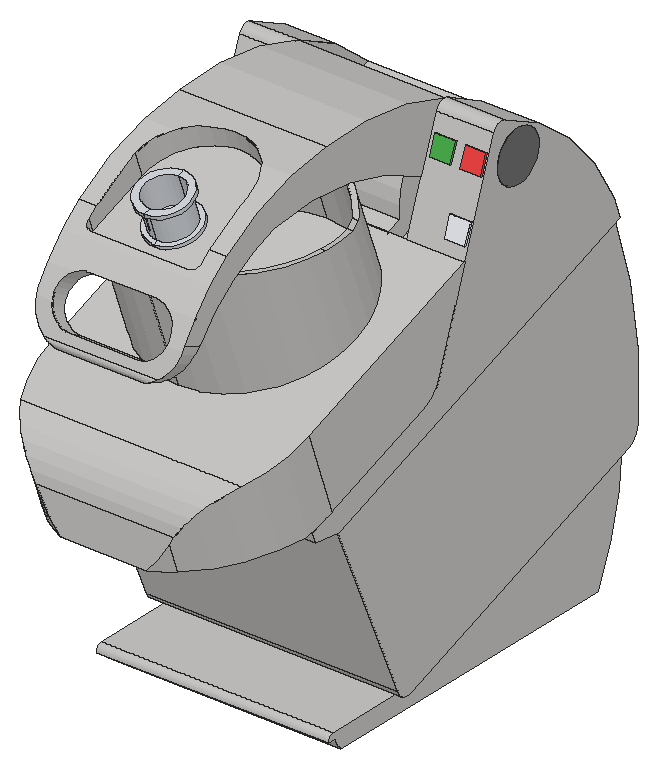
Revit family "QF_DITOSAMA_600420_DTRSY1VI", category Specialty Equipment, Revit 2018
Family settings
  Round Connector Dimension = Use Diameter
  Part Type = Normal
  Work Plane-Based = No
  Always vertical = Yes
  Cut with Voids When Loaded = No
  Shared = No
  Room Calculation Point = No
Parameters (values of type "Standard")
  Weight = 21.40 kg
  Watts = 0 W
  Volts = 220 V
  URL Manufacturer = "http://www.ditosama.com"
  URL = "http://www.ditosama.com"
  Steam Supply Size = 0 mm
  Steam Supply Minimum Pressure = 0.0 Pa
  Steam Supply Maximum Pressure = 0.0 Pa
  Steam Pounds per Hour = 0
  Refrigeration Suction Line Size = 0 mm
  Refrigeration Liquid Line Size = 0 mm
  Refrigerant Compressor Remote = yes
  Manufacturer = "Dito Sama"
  Phase = 1
  Model = "DTRSY1VI"
  Length Actual = 252 mm  # constant formula
  Item Number = "600420"
  Hot Water Size = 0 mm
  Height Actual = 515 mm  # constant formula
  HP = "0.7 HP"
  Gas Size = 0 mm
  Gas KW = 0
  Gas Input Pressure = 0 W
  Direct Waste Size = 0 mm
  Description = "VEGETABLE SLICER-1 SPEED-500W-220-240/1/50 CB APPROVED"
  Depth Actual = 500 mm  # constant formula
  Cycle = 50 Hz
  Condensate Return Size = 0 mm
  Compressed Air Volume = 0.0 L/s
  Compressed Air Size = 0 mm
  Compressed Air Pressure = 0.0 Pa
  Cold Water Size = 0 mm
  Accessory = yes
Reference planes
  plane 1 "Center (Front/Back)": y = 0
  plane 2: z = 0
  plane 3 "Center (Left/Right)": x = 0
  plane 4 "BASE": through (-1506.947, -1354.442, -482.669) normal (0, -0.342, 0.9397)
  plane 5 "TOP": z = 780
  plane 6 "FRONT": y = -250
  plane 7 "BACK": y = 250
  plane 8 "LEFT": x = -126
  plane 9 "RIGHT": x = 126
  plane 10 "BaseSup": through (4267.2, -355.454, 143.983) normal (0, -0.342, 0.9397)
  plane 11 "TopCylinder": z = 502
  plane 12 "panel": through (4267.2, 37.396, 376.789) normal (0, -0.9397, 0.342)
  plane 13 "TAN1": through (4267.2, -242.8, 386.84) normal (0, -0.868, 0.4965)
  plane 14 "cx": x = -4.392
Forms (mm)
  Extrusion 1, solid, material "QF_Finishes_Stainless Steel"
    sketch origin (0, 71.755, 29.173) x (0, 0.939693, 0.34202) y (0, -0.34202, 0.939693)
      loop
        line (194.125, 30) -> (-100, 30) -> (-172.671, 56.45)
        arc (-172.671, 56.45) -> (-177.706, 56.23) -> (-181.11, 52.515) r 6.584
        line (-181.11, 52.515) -> (-172.825, 49.499)
        arc (-172.825, 49.499) -> (-173.282, 42.917) -> (-170.601, 36.887) r 13.662
        line (-170.601, 36.887) -> (125.402, -70.849)
        arc (125.402, -70.849) -> (140.415, -55.659) -> (154.125, -39.282) r 258.806
        arc (154.125, -39.282) -> (176.416, -5.964) -> (194.125, 30) r 303.676
    from -114.1 to 114.1
  Extrusion 2, solid, material "QF_Finishes_Stainless Steel"
    sketch origin (0, 71.755, 29.173) x (0, 0.939693, 0.34202) y (0, -0.34202, 0.939693)
      loop
        arc (-117.754, 231.836) -> (-115.421, 136.806) -> (-106.378, 42.177) r 1344.145
        arc (-106.378, 42.177) -> (-102.811, 33.567) -> (-94.2, 30) r 12.177
        line (-94.2, 30) -> (191.415, 30)
        arc (191.415, 30) -> (200.799, 34.052) -> (207.001, 42.177) r 20.212
        arc (207.001, 42.177) -> (237.263, 134.79) -> (245.906, 231.836) r 430.148
        line (245.906, 231.836) -> (-117.754, 231.836)
    from -123.6 to 123.2
  Extrusion 3, solid, material "QF_Finishes_Stainless Steel"
    sketch origin (0, 71.755, 29.173) x (0, 0.939693, 0.34202) y (0, -0.34202, 0.939693)
      loop
        line (-117.754, 231.836) -> (250, 231.836) -> (250, 254)
        arc (250, 254) -> (225.127, 344.7) -> (167.861, 419.303) r 244.524
        arc (167.861, 419.303) -> (160.498, 421.774) -> (153.587, 418.23) r 10
        line (153.587, 418.23) -> (25.432, 265.5)
        arc (25.432, 265.5) -> (14.376, 257.016) -> (0.77, 254) r 32.194
        line (0.77, 254) -> (-142.678, 254) -> (-142.678, 244) -> (-117.754, 231.836)
    from -125 to 125
  Extrusion 4, void
    sketch origin (0, 71.755, 29.173) x (0, 0.939693, 0.34202) y (0, -0.34202, 0.939693)
      loop
        line (146.605, 338.403) -> (228.145, 338.403)
        arc (228.145, 338.403) -> (202.221, 381.996) -> (167.861, 419.303) r 244.524
        arc (167.861, 419.303) -> (160.498, 421.774) -> (153.587, 418.23) r 10
        line (153.587, 418.23) -> (72.34, 321.403) -> (146.605, 321.403) -> (146.605, 338.403)
    from -76.755 to 68.071
  Extrusion 5, solid, material "QF_Finishes_Stainless Steel"
    sketch origin (0, 71.755, 29.173) x (0, 0.939693, 0.34202) y (0, -0.34202, 0.939693)
      loop
        line (86.605, 338.403) -> (69.605, 321.403) -> (146.605, 321.403) -> (146.605, 338.403) -> (138.179, 338.403) -> (138.179, 369.367)
        arc (138.179, 369.367) -> (147.784, 373.474) -> (158.149, 372.174) r 19.987
        arc (158.149, 372.174) -> (156.791, 382.001) -> (162.888, 389.826) r 12.748
        arc (162.888, 389.826) -> (123.302, 374.774) -> (101.605, 338.403) r 64.447
        line (101.605, 338.403) -> (86.605, 338.403)
    from -65 to 50
  Extrusion 6, solid, material "QF_Finishes_Stainless Steel"
    sketch origin (539, 71.755, 29.173) x (0, -0.939693, -0.34202) y (0, -0.34202, 0.939693)
      loop
        circle (-169.102, 378.696) r 12.748
    from 489 to 604
  Extrusion 7, solid, material "QF_Finishes_Rubber Black"
    sketch origin (0, 71.755, 29.173) x (0, 0.939693, 0.34202) y (0, -0.34202, 0.939693)
      loop
        circle (169.102, 378.696) r 25
    from 125 to 126.6
  Extrusion 8, solid, material "QF_Finishes_Green"
    sketch origin (-10, -113.728, -38.42) x (0, -0.34202, -0.939693) y (1, 0, 0)
      loop
        line (-529.862, 82.865) -> (-509.862, 82.865) -> (-509.862, 102.865) -> (-529.862, 102.865) -> (-529.862, 82.865)
    from 0 to 1.6
  Extrusion 9, solid, material "QF_Finishes_Red"
    sketch origin (20, -113.728, -38.42) x (0, -0.34202, -0.939693) y (1, 0, 0)
      loop
        line (-529.862, 82.865) -> (-509.862, 82.865) -> (-509.862, 102.865) -> (-529.862, 102.865) -> (-529.862, 82.865)
    from 0 to 1.6
  Extrusion 10, solid, material "QF_Finishes_White"
    sketch origin (19.976, -149.421, -75.636) x (0, -0.34202, -0.939693) y (1, 0, 0)
      loop
        line (-521.192, 82.865) -> (-501.192, 82.865) -> (-501.192, 102.865) -> (-521.192, 102.865) -> (-521.192, 82.865)
    from 0 to 1.6
  Extrusion 11, solid, material "QF_Finishes_Rubber Black"
    sketch origin (-20, -306.935, 99.376) x (0, -1, 0) y (1, 0, 0)
      loop
        circle (-230.144, 103.748) r 10
      loop
        circle (-230.144, -61.252) r 10
    from 9.274 to 3.787
  Extrusion 12, void
    sketch origin (-20.94, 306.731, 139.428) x (-1, 0, 0) y (0, -0.34202, 0.939693)
      loop
        circle (-20.94, 196.093) r 10
    from -1.916 to -26.433
  Extrusion 13, solid, material "QF_Finishes_Stainless Steel"
    sketch origin (-20.94, 306.678, 139.573) x (-1, 0, 0) y (0, -0.34202, 0.939693)
      loop
        circle (-20.94, 195.939) r 9.999
    from -8.514 to -26.433
  Extrusion 14, solid, material "QF_Finishes_Stainless Steel"
    sketch origin (0, -15.119, 267.855) x (0, -0.939693, -0.34202) y (1, 0, 0)
      loop
        line (-86.605, -125) -> (117.754, -125)
        arc (117.754, -125) -> (182.577, -108.838) -> (232.224, -64.135) r 138.076
        arc (232.224, -64.135) -> (246.337, -33.516) -> (250, 0) r 104.824
        arc (250, 0) -> (246.337, 33.516) -> (232.224, 64.135) r 104.824
        arc (232.224, 64.135) -> (182.577, 108.838) -> (117.754, 125) r 138.076
        line (117.754, 125) -> (-86.605, 125) -> (-86.605, -125)
    from 0 to 84.403
  Extrusion 15, void
    sketch origin (0, 71.755, 29.173) x (0, 0.939693, 0.34202) y (0, -0.34202, 0.939693)
      loop
        line (-148.177, 254) -> (-243.49, 272.527) -> (-229.509, 307.133)
        arc (-229.509, 307.133) -> (-211.109, 329.855) -> (-183.149, 338.403) r 50
        line (-183.149, 338.403) -> (-263.395, 338.403) -> (-263.395, 254) -> (-148.177, 254)
      loop
        line (86.605, 338.403) -> (25.432, 265.5)
        arc (25.432, 265.5) -> (14.376, 257.016) -> (0.77, 254) r 32.194
        line (0.77, 254) -> (86.605, 254) -> (86.605, 338.403)
    from -156.555 to 144.79
  Extrusion 16, solid, material "QF_Finishes_Rubber Black"
    sketch origin (-20, -28.598, 99.376) x (0, -1, 0) y (1, 0, 0)
      loop
        circle (-230.144, 103.748) r 10
      loop
        circle (-230.144, -61.252) r 10
    from 9.274 to 3.787
  Extrusion 17, solid, material "QF_Finishes_Stainless Steel"
    sketch origin (0, 0, 0) x (0, 1, 0) y (0, 0, 1)
      loop
        arc (-237.987, 360.286) -> (-193.334, 422.101) -> (-125.907, 457.716) r 167.502
        arc (-125.907, 457.716) -> (-32.614, 457.202) -> (54.785, 424.565) r 266.494
        line (54.785, 424.565) -> (73.036, 474.711)
        arc (73.036, 474.711) -> (77.269, 479.853) -> (83.792, 481.198) r 10
        arc (83.792, 481.198) -> (12.917, 500.705) -> (-60.594, 500.999) r 278.64
        arc (-60.594, 500.999) -> (-125.023, 488.463) -> (-183.511, 458.675) r 236.13
        arc (-183.511, 458.675) -> (-222.818, 420.732) -> (-248.457, 372.49) r 174.407
        arc (-248.457, 372.49) -> (-249.83, 368.135) -> (-247.05, 364.513) r 4.945
        line (-247.05, 364.513) -> (-237.987, 360.286)
    from -76.755 to 68.071
  Extrusion 18, void
    sketch origin (0, -252.846, 369.279) x (0, -0.496521, -0.868025) y (1, 0, 0)
      loop
        line (-13.723, -36.755) -> (-13.723, 28.071)
        arc (-13.723, 28.071) -> (-38.723, 53.071) -> (-63.723, 28.071) r 25
        line (-63.723, 28.071) -> (-63.723, -36.755)
        arc (-63.723, -36.755) -> (-38.723, -61.755) -> (-13.723, -36.755) r 25
    from -148.493 to 7.125
  Extrusion 19, void
    sketch origin (0, -88.076, 32.057) x (0, -0.34202, -0.939693) y (1, 0, 0)
      loop
        line (-257.162, 68.071) -> (-297.162, 68.071)
        arc (-297.162, 68.071) -> (-268.878, 56.356) -> (-257.162, 28.071) r 40
        line (-257.162, 28.071) -> (-257.162, 68.071)
      loop
        line (-257.162, -76.755) -> (-257.162, -36.755)
        arc (-257.162, -36.755) -> (-268.878, -65.039) -> (-297.162, -76.755) r 40
        line (-297.162, -76.755) -> (-257.162, -76.755)
    from 233.374 to 280.473
  Extrusion 20, void
    sketch origin (0, -73.76, 246.511) x (0, -0.939693, -0.34202) y (1, 0, 0)
      loop
        spline (50.415, 43.499) -> (50.302, 44.538) -> (50.07, 45.551) -> (49.722, 46.523) -> (49.265, 47.436) -> (48.705, 48.278) -> (48.053, 49.034) -> (47.317, 49.692) -> (46.511, 50.241) -> (45.647, 50.674) -> (44.738, 50.981) -> (43.801, 51.16) -> (42.848, 51.221)
        line (42.848, 51.221) -> (-21.826, 51.221)
        arc (-21.826, 51.221) -> (-77.476, -4.429) -> (-21.826, -60.078) r 55.65
        line (-21.826, -60.078) -> (42.849, -60.064)
        spline (42.849, -60.064) -> (43.796, -60.017) -> (44.73, -59.836) -> (45.637, -59.525) -> (46.5, -59.088) -> (47.306, -58.532) -> (48.042, -57.867) -> (48.695, -57.103) -> (49.256, -56.253) -> (49.715, -55.331) -> (50.065, -54.351) -> (50.3, -53.329) -> (50.415, -52.283)
        line (50.415, -52.283) -> (50.415, 43.499)
    from 219.928 to 259.975
  Extrusion 21, void
    sketch origin (0, -87.856, 241.381) x (0, -0.939693, -0.34202) y (1, 0, 0)
      loop
        circle (-4.976, -4.429) r 22.5
    from 184.171 to 259.975
  Extrusion 22, solid, material "QF_Finishes_Stainless Steel"
    sketch origin (0, -57.13, 252.564) x (0, -0.939693, -0.34202) y (1, 0, 0)
      loop
        circle (-27.476, -4.429) r 100
      loop
        circle (-27.476, -4.429) r 95
    from 84.403 to 219.928
  Extrusion 23, void
    sketch origin (539, 0, 0) x (0, -1, 0) y (0, 0, 1)
      loop
        line (-7.229, 448.453) -> (38.883, 431.669) -> (53.883, 431.669) -> (97.232, 435.738) -> (172.232, 435.738) -> (200.5, 434.424) -> (12.562, 502.828) -> (-7.229, 448.453)
    from 424.9 to 664
  Revolve 24, solid
    sketch origin (-4.392, 0, 0) x (0, 1, 0) y (0, 0, 1)
      loop
        line (-159.523, 452.833) -> (-177.266, 446.376) -> (-188.766, 477.973) -> (-195.199, 475.631) -> (-193.959, 472.225) -> (-189.261, 473.935) -> (-179, 445.744) -> (-183.698, 444.034) -> (-182.575, 440.948) -> (-179.543, 442.052) -> (-133.191, 314.7) -> (-112.048, 322.396) -> (-159.523, 452.833)
      axis (-112.048, 322.396) -> (-171.023, 484.431)
    angle from 0 to 360
  Extrusion 25, solid, material "QF_Door-Drawer Clearances", detail levels coarse
    sketch origin (0, -259.129, 728.467) x (0, -0.462376, -0.886684) y (0, 0.886684, -0.462376)
      loop
        arc (-237.987, 360.286) -> (-193.334, 422.101) -> (-125.907, 457.716) r 167.502
        arc (-125.907, 457.716) -> (-32.614, 457.202) -> (54.785, 424.565) r 266.494
        line (54.785, 424.565) -> (59.562, 427.056)
        arc (59.562, 427.056) -> (59.025, 458.234) -> (62.46, 489.226) r 244.524
        arc (62.46, 489.226) -> (1.594, 502.023) -> (-60.594, 500.999) r 278.64
        arc (-60.594, 500.999) -> (-125.023, 488.463) -> (-183.511, 458.675) r 236.13
        arc (-183.511, 458.675) -> (-222.818, 420.732) -> (-248.457, 372.49) r 174.407
        arc (-248.457, 372.49) -> (-249.83, 368.135) -> (-247.05, 364.513) r 4.945
        line (-247.05, 364.513) -> (-237.987, 360.286)
    from -76.755 to 68.071
  Extrusion 26, solid, material "QF_Door-Drawer Clearances", detail levels coarse
    sketch origin (-4.392, 0, 0) x (0, 1, 0) y (0, 0, 1)
      loop
        arc (180.062, 780.324) -> (-149.234, 694.151) -> (-249.905, 368.994) r 350.321
        line (-249.905, 368.994) -> (-246.546, 377.767)
        arc (-246.546, 377.767) -> (-144.345, 691.9) -> (174.993, 776.44) r 345.321
        line (174.993, 776.44) -> (180.062, 780.324)
    from -60 to 60
Cuts and joins
  Extrusion 4, Extrusion 19, Extrusion 20, Extrusion 21 cuts Extrusion 3
  Extrusion 15, Extrusion 19, Extrusion 20, Extrusion 21 cuts Extrusion 14
  Extrusion 18, Extrusion 19, Extrusion 20, Extrusion 21 cuts Extrusion 17
  Extrusion 12, Extrusion 20, Extrusion 21 cuts Extrusion 2
  Extrusion 23 cuts Extrusion 22
Lines and regions (mm)
  model lines
    curve 1: line (-65, 80.335, 302.597) -> (50, 80.335, 302.597)
    curve 2: line (-65, 83.13, 303.615) -> (50, 83.13, 303.615)
Dimensions and locks
  plane 5 "TOP" to level = 780 mm
  plane 8 "LEFT" to plane 3 "Center (Left/Right)" to plane 9 "RIGHT" = 126 mm, 126 mm
  plane 7 "BACK" to plane 1 "Center (Front/Back)" to plane 6 "FRONT" = 250 mm, 250 mm
  plane 5 "TOP" to plane 2 = 780 mm
  plane 5 "TOP" to plane 11 "TopCylinder" = 278 mm
  plane 6 "FRONT" to plane 7 "BACK" = 500 mm
  plane 7 "BACK" to plane 6 "FRONT" = 500 mm
  plane 11 "TopCylinder" to level = 502 mm
  aligned and locked: level to plane 2
Connectors
  electrical at (0, 231.662, 320.783), driven by "Volts"
    settings: on Extrusion 13, index 1, voltage 220 V, apparent load 0 VA, apparent load phase1 0 VA, apparent load phase2 0 VA, apparent load phase3 0 VA, power factor 1, load classification "Other", number of poles 1, system type 30, power factor state 1, is connector primary yes, connector utility no, sub classification motor no, connector description "Electrical Connection"
